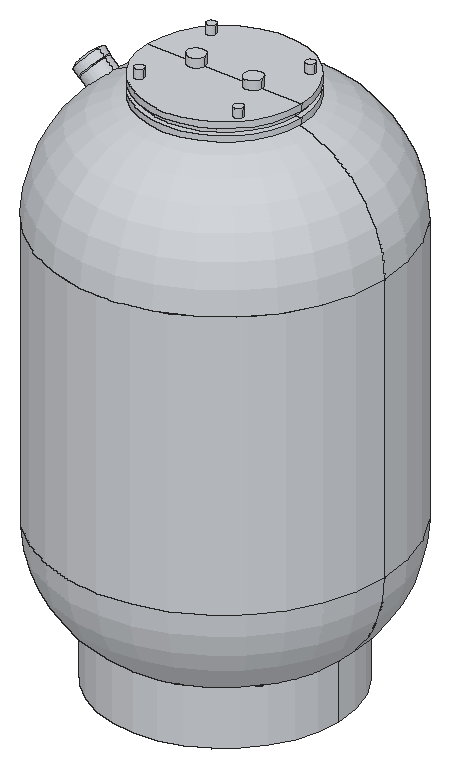
Revit family "NLA-50", category Mechanical Equipment, Revit 2014
Parameters (values of type "NLA-50")
  VoidLength = F * 0.25  # 2 1/2"
  URL = "http://westank.com/"
  Tank Volume = "13 Gallons"
  Part Number = "22010050"
  OuterRadius = F / 2  # 5"
  Model = "NLA-50"
  Maximum Operating Temperature = "240°F"
  Maximum Operating Pressure = "125 PSIG"
  Manufacturer = "Wessels Company"
  InnerRadius = (F * 0.9844) / 2  # 4.922"
  HandleAngle = 41.00°
  F = 10"
  C = 3/4"
  B = 24"
  Approximate Shipment Weight = "50 lbs"
  Angle = 41.00°
  A = 14"
Reference planes (in)
  plane 1 "Center (Front/Back)": y = 0
  plane 2: z = 0
  plane 3 "Center (Left/Right)": x = 0
  plane 4: x = -7
  plane 5: z = 5.47343
  plane 6: z = 22.85433
  plane 7: z = 23.64567
  plane 8: y = 1.9685
  plane 9: y = -1.9685
  plane 10: x = 2.1751
  plane 11: x = -2.1751
  plane 12: z = 24
  plane 13: x = 7
  plane 14: z = 16.99842
  plane 15: x = -5
  plane 16: x = 5
Forms (in)
  Revolve 1, solid
    sketch origin (0, 0, -5.125) x (1, 0, 0) y (0, 0, 1)
      loop
        line (0, 27.97933) -> (-2.92524, 27.97933)
        arc (-2.92524, 27.97933) -> (-5.84504, 26.31175) -> (-7, 23.15387) r 4.89461
        line (-7, 23.15387) -> (-7, 11.46384)
        arc (-7, 11.46384) -> (-5.84504, 8.30596) -> (-2.92524, 6.63838) r 4.89461
        line (-2.92524, 6.63838) -> (0, 6.63838) -> (0, 27.97933)
      axis (0, 27.97933) -> (0, 6.63838)
    angle from 0 to 360
  Extrusion 2, solid
    sketch origin (0, 0, 0) x (1, 0, 0) y (0, 1, 0)
      loop
        circle (0, 0) r 5
      loop
        circle (0, 0) r 4.922
    from 5.47343 to 0
  Revolve 3, solid
    sketch origin (0, 0, 0) x (1, 0, 0) y (0, 0, 1)
      loop
        line (0, 23.64567) -> (0, 22.85433) -> (3.36891, 22.85433) -> (3.36891, 23.10433) -> (3.11891, 23.10433) -> (3.11891, 23.38832) -> (3.36891, 23.38832) -> (3.36891, 23.64567) -> (0, 23.64567)
      axis (0, 23.64567) -> (0, 22.85433)
    angle from 0 to 360
  Extrusion 4, solid
    sketch origin (-60.41868, -180, 22.85433) x (-1, 0, 0) y (0, -1, 0)
      loop
        circle (-58.24358, -181.9685) r 0.19685
      loop
        circle (-58.24358, -178.0315) r 0.19685
      loop
        circle (-62.59379, -178.0315) r 0.19685
      loop
        circle (-62.59379, -181.9685) r 0.19685
    from 1.14567 to 0.79134
  Extrusion 5, solid
    sketch origin (-60.41868, -180, 22.85433) x (-1, 0, 0) y (0, -1, 0)
      loop
        circle (-59.16868, -180) r 0.375
      loop
        circle (-61.66868, -180) r 0.375
    from 1.14567 to 0.79134
  Revolve 6, solid
    sketch origin (0, 0, 16.99842) x (-0.75471, 0, 0.656059) y (-0.656059, 0, -0.75471)
      loop
        line (6.89266, 0) -> (6.89266, -0.64856) -> (7.53908, -0.64856) -> (7.56239, -0.67188) -> (7.90285, -0.67188)
        arc (7.90285, -0.67188) -> (8.01101, -0.34361) -> (7.97367, 0) r 0.81647
        line (7.97367, 0) -> (6.89266, 0)
      axis (6.89266, 0) -> (7.97367, 0)
    angle from 0 to 360
Cuts and joins
  joined: Revolve 1, Extrusion 2, Revolve 6
Lines and regions (in)
  reference lines
    curve 1: line (0, 0, 16.99842) -> (-5.47164, 0, 21.75485)
Dimensions and locks (in)
  plane 5 to level = 5.47343"
  locked: plane 7 to plane 6 at 0.79134
  equal spacing: plane 11, plane 3 "Center (Left/Right)", plane 10
  equal spacing: plane 8, plane 1 "Center (Front/Back)", plane 9
  "B": plane 12 to level
  equal spacing: plane 13, plane 3 "Center (Left/Right)", plane 4
  "A": plane 13 to plane 4
  locked: Extrusion 5 sketch curve to plane 1 "Center (Front/Back)" at 0  (x2)
  locked: plane 12 to plane 7 at 0.35433
  equal spacing: plane 16, plane 3 "Center (Left/Right)", plane 15
  "F": plane 16 to plane 15
  "OuterRadius": radius of Extrusion 2 sketch curve
  "InnerRadius": radius of Extrusion 2 sketch curve
  "C": diameter of Extrusion 5 sketch curve
  "Angle": angle curve 1 to plane 14
  aligned and locked: level to plane 2
  aligned and locked: Extrusion 2 to level
  aligned and locked: Revolve 3 sketch curve to plane 6
  aligned and locked: plane 7 to Revolve 3 sketch curve
  aligned and locked: Revolve 3 sketch curve to plane 3 "Center (Left/Right)"  (x2)
  aligned and locked: Revolve 1 sketch curve to plane 6
  aligned and locked: plane 7 to Extrusion 4
  aligned and locked: plane 12 to Extrusion 4
  aligned and locked: plane 4 to Revolve 1 sketch curve
  aligned and locked: Extrusion 5 to plane 7
  aligned and locked: plane 12 to Extrusion 5
  aligned and locked: plane 3 "Center (Left/Right)" to curve 1
  aligned and locked: plane 14 to curve 1
  aligned and locked: Revolve 6 sketch curve to curve 1
  aligned and locked: Revolve 6 sketch curve to Revolve 6 sketch curve
Automatic sketch dimensions
  Revolve 3 sketch curve to plane 6 = 0"
  plane 6 to Revolve 3 sketch curve = 1/4"
  Revolve 3 sketch curve to Revolve 3 sketch curve = 1/4"  (x2)
  Revolve 3 sketch curve to plane 7 = 0.25735"
  Revolve 3 sketch curve to Revolve 3 sketch curve = 1/2"
  Revolve 1 sketch curve to plane 3 "Center (Left/Right)" = 0"  (x2)
  Revolve 1 sketch curve to level = 2.26259"
  Revolve 1 sketch curve to plane 6 = 1.77165"
  plane 5 to Revolve 1 sketch curve = 0.86541"
  Extrusion 4 sketch curve to plane 9 = 0"  (x2)
  Extrusion 4 sketch curve to plane 10 = 0"  (x2)
  Extrusion 4 sketch curve to plane 8 = 0"  (x2)
  Extrusion 4 sketch curve to plane 11 = 0"  (x2)
  Revolve 6 sketch curve to curve 1 = 0"  (x2)
  Revolve 6 sketch curve to Revolve 6 sketch curve = 0.30638"
  curve 1 to Revolve 6 sketch curve = 37/128"
  Revolve 6 sketch curve to Revolve 6 sketch curve = 0.02331"  (x2)
  curve 1 to Revolve 6 sketch curve = 0.25803"
  Revolve 6 sketch curve to Revolve 6 sketch curve = 0.39053"
  curve 1 to Revolve 6 sketch curve = 0.65285"
  curve 1 to Revolve 6 sketch curve = 0.72367"
  Revolve 1 sketch curve to plane 11 = 0.75013"  (x2)
  plane 11 to Revolve 1 sketch curve = 0.06971"  (x2)
  plane 10 to Revolve 3 sketch curve = 0.94381"
  Extrusion 2 sketch curve to Extrusion 2 sketch curve = 0"  (x2)
  plane 1 "Center (Front/Back)" to Extrusion 2 sketch curve = 0"
  Extrusion 2 sketch curve to plane 3 "Center (Left/Right)" = 0"
  Extrusion 5 sketch curve to plane 10 = 0.9251"
  plane 11 to Extrusion 5 sketch curve = 0.9251"
  radius of Extrusion 4 sketch curve = 0.19685"  (x4)
  radius of Extrusion 5 sketch curve = 3/8"
Connectors (in)
  piping at (1.25, 0, 24), diameter 0.75, driven by "C"
    settings: on Extrusion 5, index 3, connector inside diameter 24", connector length 0", flow factor 0, pipe flow 0 GPM, pressure drop 0.00 psi, fitting loss kfactor 0, connector angle 0.00°, fixture units 0, engagement length 0", angle of deflection 0.00°, flow configuration 0, flow direction 0, fitting loss method 0, system type 19, joint type 0, gender type 0, connector reference index -1, connector utility 0, adjustable connector no, is connector primary yes, connector description ""
